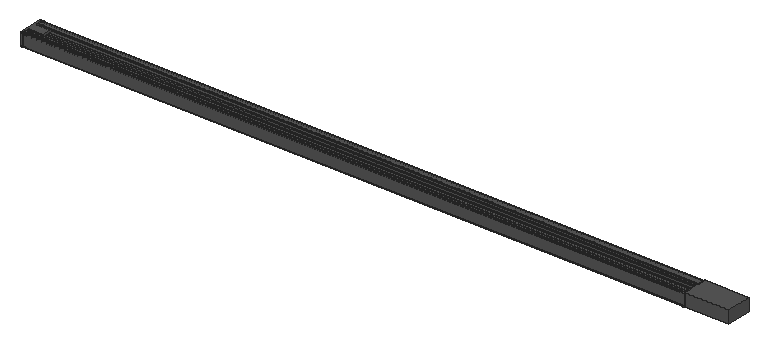
Revit family "Lighting_Other_Nordlux_Link_1M-rail", category Lighting Fixtures, host Face, Revit 2017
Family settings
  Host = Face
  Round Connector Dimension = Use Diameter
  Part Type = Normal
  OmniClass Number = 23.80.70.11.14.21
  OmniClass Title = Spots and Tracklight Specialties
  Cut with Voids When Loaded = No
  Light Source = No
  Shared = No
  Room Calculation Point = No
Parameters (values of type "Link 1M rail - black")
  WarrantyStartDate [instance] = "n/a"
  WarrantyGuarantorParts = "n/a"
  WarrantyGuarantorLabor = "n/a"
  WarrantyDurationUnit = "Year"
  WarrantyDurationParts = "n/a"
  WarrantyDurationLabor = "n/a"
  WarrantyDescription = "n/a"
  VersionDate = "29/08/2019"  # constant formula
  Version = "1"  # constant formula
  UsageCurrent = 0 A
  Uniclass2015Reference = "Pr_70_70_48_47"
  Uniclass2015Description = "Lighting tracks"
  Uniclass2 = "Pr_70_70_49_44"
  URL = "https://www.nordlux.com/products/product/79079903"
  Type Comments = ""
  TotalWattage = 690 W
  TagNumber [instance] = "n/a"
  SustainabilityPerformance = "n/a"
  Size = "1000x35x18"
  Shape = "Rectangular"
  SerialNumber [instance] = "n/a"
  Revision = "n/a"
  ReplacementCost = "n/a"
  RemoveRightCap [instance] = yes
  RemoveLeftCap [instance] = yes
  RailMainMaterial = Black
  ProductInformation = "Power strip from Nordlux which can be mounted on either the wall or ceiling. Includes a track light connector. Enables you to quickly and easily mount pendants or spotlights from the Link system according to your own requirements."
  Product data url = "https://www.bimobject.com/nordlux/product/link_system_1m-rail"
  PhaseReference = "n/a"
  PhaseAngle = 0.00°
  NumberOfSources = 0
  NumberOfPoles = 1
  NominalWidth = 1000 mm
  NominalVoltage = 230 V
  NominalHeight = 18 mm
  NominalFrequencyRange = 0 Hz
  NominalDepth = 35 mm
  NominalCurrent = 0 A
  Name = "Nordlux_Link_1M-rail"
  NBSReference = "90-60-50-430"
  NBSDescription = "Lighting tracks"
  ModelReference = "n/a"
  ModelNumber = "79079903"
  Model = "Link 1M rail - black"
  Material = "Metal, plastic"
  ManufacturersSpecificInformation = "n/a"
  ManufacturerURL = "https://www.nordlux.com/"
  ManufacturerName = "Nordlux"
  Manufacturer = "Nordlux"
  MaintenanceFactor = 0
  LightFixturePlacingType = "Ceiling"
  LightFixtureMountingType = "Surface"
  InsulationStandardClass = "Class 1 (Earth contact)"
  InstallationDate [instance] = "n/a"
  IfcExportType = "NOTDEFINED"  # constant formula
  IfcExportAs = "IfcLightFixtureType"  # constant formula
  IP_Code = "IP20"
  HasProtectiveEarth = no
  Grade = "n/a"
  Finish = "n/a"
  Features = "Track light connector"
  ExpectedLife = "n/a"
  ElectricalDeviceNominalPower = 0 VA
  EAN Number = "5701581356382"
  DurationUnit = "Year"
  Description = "Power strip from Nordlux which can be mounted on either the wall or ceiling. Includes a track light connector. Enables you to quickly and easily mount pendants or spotlights from the Link system according to your own requirements."
  Default Elevation = 0 mm
  ConvergoRefNr = "0143-1909-0038-DK"
  Constituents = "n/a"
  Color = "Black"
  CodePerformance = "n/a"
  Category = "Power strip"
  Brand = "Nordlux"
  Barcode [instance] = "n/a"
  BIMObjectName = "Lighting_Other_Nordlux_Link_1M-rail"
  Author = "Convergo AB"  # constant formula
  AssetType = "Fixed"
  AssetIdentifier [instance] = "n/a"
  Assembly Code = ""
  ArticleNumber = "79079903"
  AccessibilityPerformance = "n/a"
Types (3, lengths in mm): name | URL | RailMainMaterial | ModelNumber | Model | EAN Number | Color | ArticleNumber
  (no name) | "https://www.nordlux.com/products/product/79079903" | Black | "79079903" | "Link 1M rail - black" | "5701581356382" | "Black" | "79079903"
  Link 1M rail - black | "https://www.nordlux.com/products/product/79079903" | Black | "79079903" | "Link 1M rail - black" | "5701581356382" | "Black" | "79079903"
  Link 1M rail - white | "https://www.nordlux.com/products/product/79079901" | White | "79079901" | "Link 1M rail - white" | "5701581273382" | "White" | "79079901"
Reference planes
  plane 1 "Center (Front/Back)": y = 0
  plane 2: z = 0
  plane 3 "Center (Left/Right)": x = 0
  plane 4: x = -500
  plane 5: x = 500
  plane 6: y = 17.5
  plane 7: y = -17.5
  plane 8: z = 18
Dimensions and locks
  equal spacing: plane 4, plane 3 "Center (Left/Right)", plane 5
  "NominalWidth": plane 4 to plane 5
  equal spacing: plane 6, plane 1 "Center (Front/Back)", plane 7
  "NominalDepth": plane 6 to plane 7
  "NominalHeight": plane 8 to level
  aligned and locked: plane 2 to host face
  aligned and locked: level to host face
Automatic sketch dimensions
  host sketch curve to host sketch curve = 2438.4 mm  (x2)
Nested families
  nested 1: "1M rail" at (0, 0, 0), Main <- "RailMainMaterial", RemoveLeftCap <- "RemoveLeftCap", RemoveRightCap <- "RemoveRightCap", type "1M rail"
    with notRemoveRightCap no, notRemoveLeftCap no, RemoveRightCap yes, RemoveLeftCap yes, Main Black
Connectors
  electrical at (500, 0, 9), driven by "NominalVoltage"
    settings: on nested 1, index 1, voltage 230 V, apparent load 0 VA, apparent load phase1 0 VA, apparent load phase2 0 VA, apparent load phase3 0 VA, power factor 1, load classification "Other", number of poles 1, system type 31, power factor state 1, is connector primary yes, connector utility no, sub classification motor no, connector description ""
Definition of nested family "1M rail"
  Parameters (values of type "1M rail")
    notRemoveRightCap [instance] = not(RemoveRightCap)  # no
    notRemoveLeftCap [instance] = not(RemoveLeftCap)  # no
    RemoveRightCap [instance] = yes
    RemoveLeftCap [instance] = yes
    Main [instance] = none
    Default Elevation = 1219.2 mm
  Reference planes
    plane 1 "Center (Front/Back)": y = 0
    plane 2: z = 0
    plane 3 "Center (Left/Right)": x = 0
    plane 4: y = -17.5
    plane 5: y = 17.5
    plane 6: x = 500
    plane 7: x = -500
    plane 8: z = 18
  Forms (mm)
    Extrusion 1, solid
      sketch origin (0, 0, 0) x (1, 0, 0) y (0, 1, 0)
        loop
          line (-1219.2, 1219.2) -> (-1219.2, -1219.2) -> (1219.2, -1219.2) -> (1219.2, 1219.2) -> (-1219.2, 1219.2)
      from 0 to -304.8
    Extrusion 2, solid, material <- "Main", detail levels medium+fine
      sketch origin (0, 0, 0) x (0, 1, 0) y (0, 0, 1)
        loop
          arc (7.692, 18) -> (7.192, 17.5) -> (7.692, 17) r 0.5
          line (7.692, 17) -> (8.8, 17) -> (8.451, 13) -> (9.431, 13)
          arc (9.431, 13) -> (9.798, 13.152) -> (9.951, 13.52) r 0.52
          line (9.951, 13.52) -> (9.95, 17) -> (13.651, 17) -> (13.651, 14.591)
          arc (13.651, 14.591) -> (14.183, 14.059) -> (14.716, 14.591) r 0.533
          line (14.716, 14.591) -> (14.716, 17) -> (15.984, 17)
          arc (15.984, 17) -> (16.342, 16.852) -> (16.49, 16.494) r 0.507
          line (16.49, 16.494) -> (16.491, 4.701) -> (14.391, 4.701) -> (14.391, 7.072)
          arc (14.391, 7.072) -> (13.891, 7.572) -> (13.391, 7.072) r 0.5
          line (13.391, 7.072) -> (13.391, 4.701) -> (12.219, 4.701) -> (9.169, 1.001) -> (6.691, 1.001) -> (6.691, 3.001) -> (5.691, 3.001) -> (5.691, 1.001) -> (0, 1.001) -> (-6.691, 1.001) -> (-8.483, 1.001) -> (-8.484, 7.78) -> (-9.849, 7.78) -> (-9.849, 3.4) -> (-9.549, 2.576) -> (-9.549, 1.462) -> (-12.219, 4.701) -> (-13, 4.701) -> (-13, 7.072)
          arc (-13, 7.072) -> (-13.5, 7.572) -> (-14, 7.072) r 0.5
          line (-14, 7.072) -> (-14, 4.701) -> (-16.491, 4.701) -> (-16.49, 16.494)
          arc (-16.49, 16.494) -> (-16.342, 16.852) -> (-15.984, 17) r 0.507
          line (-15.984, 17) -> (-14.716, 17) -> (-14.716, 14.591)
          arc (-14.716, 14.591) -> (-14.183, 14.059) -> (-13.651, 14.591) r 0.533
          line (-13.651, 14.591) -> (-13.651, 17) -> (-8.977, 17)
          arc (-8.977, 17) -> (-8.569, 16.831) -> (-8.399, 16.422) r 0.578
          line (-8.399, 16.422) -> (-8.399, 15.562)
          arc (-8.399, 15.562) -> (-7.872, 15.034) -> (-7.344, 15.562) r 0.528
          line (-7.344, 15.562) -> (-7.344, 17.469)
          arc (-7.344, 17.469) -> (-7.5, 17.844) -> (-7.875, 18) r 0.531
          line (-7.875, 18) -> (-12.873, 18)
          arc (-12.873, 18) -> (-13.709, 17.334) -> (-14.544, 18) r 0.857
          line (-14.544, 18) -> (-16.92, 18)
          arc (-16.92, 18) -> (-17.33, 17.83) -> (-17.5, 17.42) r 0.58
          line (-17.5, 17.42) -> (-17.5, 0.6)
          arc (-17.5, 0.6) -> (-17.324, 0.176) -> (-16.9, 0) r 0.6
          line (-16.9, 0) -> (-14.483, 0)
          arc (-14.483, 0) -> (-13.982, 0.501) -> (-14.483, 1.001) r 0.501
          line (-14.483, 1.001) -> (-15.966, 1.001)
          arc (-15.966, 1.001) -> (-16.337, 1.155) -> (-16.491, 1.527) r 0.525
          line (-16.491, 1.527) -> (-16.491, 3.701) -> (-12.69, 3.701) -> (-9.64, 0) -> (0, 0) -> (9.64, 0) -> (12.69, 3.701) -> (16.491, 3.701) -> (16.491, 1.527)
          arc (16.491, 1.527) -> (16.337, 1.155) -> (15.966, 1.001) r 0.525
          line (15.966, 1.001) -> (14.483, 1.001)
          arc (14.483, 1.001) -> (13.982, 0.501) -> (14.483, 0) r 0.501
          line (14.483, 0) -> (16.9, 0)
          arc (16.9, 0) -> (17.324, 0.176) -> (17.5, 0.6) r 0.6
          line (17.5, 0.6) -> (17.5, 17.42)
          arc (17.5, 17.42) -> (17.33, 17.83) -> (16.92, 18) r 0.58
          line (16.92, 18) -> (7.692, 18)
      from -496.796 to 438.106
    Extrusion 3, solid, material <- "Main", visible <- "RemoveLeftCap", detail levels medium+fine
      sketch origin (0, 0, 0) x (0, 1, 0) y (0, 0, 1)
        loop
          line (17.5, 0.6) -> (17.5, 17.4)
          arc (17.5, 17.4) -> (17.324, 17.825) -> (16.9, 18) r 0.6
          line (16.9, 18) -> (-16.9, 17.999)
          arc (-16.9, 17.999) -> (-17.324, 17.823) -> (-17.5, 17.399) r 0.6
          line (-17.5, 17.399) -> (-17.5, 0.6)
          arc (-17.5, 0.6) -> (-17.324, 0.176) -> (-16.9, 0) r 0.6
          line (-16.9, 0) -> (16.9, 0)
          arc (16.9, 0) -> (17.324, 0.176) -> (17.5, 0.6) r 0.6
      from -500 to -496.796
    Extrusion 4, solid, material <- "Main", visible <- "RemoveLeftCap", detail levels medium+fine
      sketch origin (0, 0, 0) x (1, 0, 0) y (0, 1, 0)
        loop
          line (-476.249, -7.343) -> (-476.249, 7.144) -> (-496.796, 7.144) -> (-496.796, -7.343) -> (-476.249, -7.343)
      from 15.102 to 18
    Extrusion 5, solid, material <- "Main", visible <- "RemoveRightCap", detail levels medium+fine
      sketch origin (0, 0, 0) x (1, 0, 0) y (0, 1, 0)
        loop
          line (500, 17.5) -> (438.106, 17.5) -> (438.106, -17.5) -> (500, -17.5) -> (500, 17.5)
      from 0 to 18
    Extrusion 6, solid, material <- "Main", detail levels coarse
      sketch origin (0, 0, 0) x (1, 0, 0) y (0, 1, 0)
        loop
          line (-500, 17.5) -> (-500, -17.5) -> (500, -17.5) -> (500, 17.5) -> (-500, 17.5)
      from 0 to 18
  Cuts and joins
    joined: Extrusion 3, Extrusion 4
  Lines and regions (mm)
    symbolic lines, visible <- "RemoveRightCap", detail levels medium+fine
      curve 1: line (500, 17.5, 0) -> (438.106, 17.5, 0)
      curve 2: line (500, -17.5, 0) -> (500, 17.5, 0)
      curve 3: line (438.106, -17.5, 0) -> (500, -17.5, 0)
      curve 23: line (500, 0, 0) -> (438.106, 0, 0)
      curve 24: line (500, 0, 18) -> (500, 0, 0)
      curve 29: line (438.106, 0, 18) -> (500, 0, 18)
    symbolic lines, visible <- "RemoveRightCap", detail levels fine
      curve 4: line (438.106, 17.5, 0) -> (438.106, -17.5, 0)
      curve 25: line (438.106, 0, 18) -> (438.106, 0, 0)
    symbolic lines, detail levels medium+fine
      curve 5: line (438.106, 17.5, 0) -> (-496.796, 17.5, 0)
      curve 12: line (-496.796, -17.5, 0) -> (438.106, -17.5, 0)
      curve 17: line (0, 17.5, 18) -> (0, -17.5, 18)
      curve 18: line (0, 17.5, 0) -> (0, 17.5, 18)
      curve 19: line (0, -17.5, 0) -> (0, 17.5, 0)
      curve 20: line (0, -17.5, 18) -> (0, -17.5, 0)
      curve 27: line (-496.796, 0, 18) -> (438.106, 0, 18)
      curve 30: line (438.106, 0, 0) -> (-496.796, 0, 0)
    symbolic lines, detail levels fine
      curve 6: line (-496.796, 7.144, 0) -> (438.106, 7.144, 0)
      curve 13: line (438.106, -7.344, 0) -> (-496.796, -7.344, 0)
    symbolic lines, visible <- "RemoveLeftCap", detail levels medium+fine
      curve 7: line (-500, 17.5, 0) -> (-500, -17.5, 0)
      curve 10: line (-496.796, -17.5, 0) -> (-500, -17.5, 0)
      curve 14: line (-496.796, 17.5, 0) -> (-500, 17.5, 0)
      curve 21: line (-500, 0, 18) -> (-496.796, 0, 18)
      curve 22: line (-500, 0, 0) -> (-500, 0, 18)
      curve 28: line (-496.796, 0, 0) -> (-500, 0, 0)
    symbolic lines, visible <- "RemoveLeftCap", detail levels fine
      curve 8: line (-476.249, 7.144, 0) -> (-476.249, -7.343, 0)
      curve 9: line (-496.796, -7.344, 0) -> (-496.796, -17.5, 0)
      curve 11: line (-496.796, 17.5, 0) -> (-496.796, 7.144, 0)
      curve 26: line (-496.796, 0, 18) -> (-496.796, 0, 0)
    symbolic lines, visible <- "notRemoveLeftCap", detail levels medium+fine
      curve 15: line (-496.796, 17.5, 0) -> (-496.796, -17.5, 0)
      curve 32: line (-496.796, 0, 18) -> (-496.796, 0, 0)
    symbolic lines, visible <- "notRemoveRightCap", detail levels medium+fine
      curve 16: line (438.106, 17.5, 0) -> (438.106, -17.5, 0)
      curve 31: line (438.106, 0, 18) -> (438.106, 0, 0)
  Dimensions and locks
    aligned and locked: plane 2 to Extrusion 1
    aligned and locked: level to Extrusion 1
